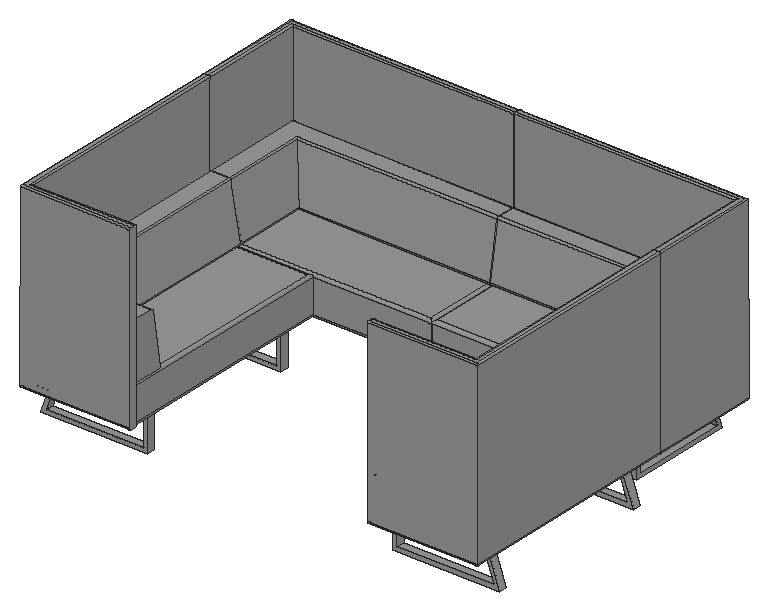
Revit family "TP5H - TP5L", category Furniture, Revit 2016
Family settings
  OmniClass Number = 23.40.20.00
  OmniClass Title = General Furniture and Specialties
  Work Plane-Based = No
  Always vertical = Yes
  Cut with Voids When Loaded = No
  Shared = No
  Room Calculation Point = No
Parameters (values of type "TP5H-K")
  URL = "www.gof.co.uk"
  Seat = GABRIEL Byron_02101
  Range = "SEATING"
  Product Data Specification = "https://gof.co.uk/wp-content/uploads/2016/02/Take-Off-Task-Product-Data-Sheet.compressed.pdf"
  Product Code = "TP5H-K"
  Product Brochure = "https://gof.co.uk/wp-content/uploads/2016/04/Take_Off_Reception_Brochure_2016.pdf"
  Model = "TAKE OFF PLUS"
  Manufacturer = "Gresham Office Furniture"  # constant formula
  Low Surround = GABRIEL Byron_02101
  Low Surround (Vis) = no
  High Surround (Vis) = yes
  High Surround = GABRIEL Byron_02101
  Circular Leg Frame = no
  Back = GABRIEL Byron_11101
  Angled Base Frame = yes
Types (5, lengths in mm): name | Product Code | Low Surround (Vis) | High Surround (Vis) | Circular Leg Frame | Angled Base Frame
  (no name) | "TP5H-K" | no | yes | no | yes
  TP5L-K | "TP5L-K" | yes | no | no | yes
  TP5H-K | "TP5H-K" | no | yes | no | yes
  TP5H-4 | "TP5H-4" | no | yes | yes | no
  TP5L-4 | "TP5L-4" | yes | no | yes | no
Reference planes
  plane 1 "Center (Front/Back)": y = 0
  plane 2: z = 0
  plane 3 "Center (Left/Right)": x = 0
  plane 4: y = 347.5
  plane 5: x = 1446
  plane 6: x = -1446
  plane 7 "Right Inner": x = 1401
  plane 8 "Left Inner": x = -1401
  plane 9: y = 302.5
  plane 10: y = -347.5
  plane 11: z = 1360
Dimensions and locks
  locked: plane 7 "Right Inner" to plane 5 at 45
  locked: plane 6 to plane 8 "Left Inner" at 45
  locked: plane 9 to plane 4 at 45
  locked: plane 10 to plane 4 at 695
  equal spacing: plane 10, plane 1 "Center (Front/Back)", plane 4
  plane 6 to plane 3 "Center (Left/Right)" to plane 5 = 1446 mm, 1446 mm
  plane 11 to level = 1360 mm
  aligned and locked: level to plane 2
Nested families
  nested 1: "TP4H - TP4L Component" at (-723, 0, 0), type "TP4H-K"
  nested 2: "TP4H - TP4L Component" at (723, 0, 0) x (-1, 0, 0) z (0, 0, 1), type "TP4H-K"
  nested 3: "TP4H - TP4L Component" at (1098.5, -1070.5, 0) x (0, 1, 0) z (0, 0, 1), type "TP4H-K"
  nested 4: "TP4H - TP4L Component" at (-1098.5, -1070.5, 0) x (0, 1, 0) z (0, 0, 1), type "TP4H-K"
Definition of nested family "TP4H - TP4L Component"
  Parameters (values of type "TP4H-K")
    URL = "www.gof.co.uk"
    Seat = none
    Range = "SEATING"
    Product Data Specification = "https://gof.co.uk/wp-content/uploads/2016/02/Take-Off-Task-Product-Data-Sheet.compressed.pdf"
    Product Code = "TP4H-K"
    Product Brochure = "https://gof.co.uk/wp-content/uploads/2016/04/Take_Off_Reception_Brochure_2016.pdf"
    Model = "TAKE OFF PLUS"
    Manufacturer = "Gresham Office Furniture"  # constant formula
    Low Surround = none
    Low Surround (Vis) = no
    High Surround (Vis) = yes
    High Surround = none
    Circular Leg Frame = no
    Back = none
    Angled Base Frame = yes
  Types (5, lengths in mm): name | Product Code | Low Surround (Vis) | High Surround (Vis) | Circular Leg Frame | Angled Base Frame
    (no name) | "TP4H-K" | no | yes | no | yes
    TP4L-K | "TP4L-K" | yes | no | no | yes
    TP4H-K | "TP4H-K" | no | yes | no | yes
    TP4H-4 | "TP4H-4" | no | yes | yes | no
    TP4L-4 | "TP4L-4" | yes | no | yes | no
  Reference planes
    plane 1 "Center (Front/Back)": y = 0
    plane 2: z = 0
    plane 3 "Center (Left/Right)": x = 0
    plane 4: y = 347.5
    plane 5: x = 723
    plane 6: x = -723
    plane 7 "Right Inner": x = 678
    plane 8 "Left Inner": x = -678
    plane 9: y = 302.5
    plane 10: y = -347.5
  Forms (mm)
    Extrusion 1, solid, material <- "Seat"
      sketch origin (0, 0, 215) x (0, 1, 0) y (-1, 0, 0)
        loop
          line (302.5, 678) -> (-347.5, 678) -> (-347.5, -723) -> (302.5, -723) -> (302.5, 678)
      from 0 to 250
    Sweep 2, solid, material <- "Back"
      path in 3D
        loop
          line (-678, -347.5, 465) -> (-678, 302.5, 465) -> (723, 302.5, 465)
      profile origin (22.5, 302.5, 465) x (0, 1, 0) y (0, 0, 1)
        loop
          line (-132.43, 351.697) -> (-190.985, 11.697)
          arc (-190.985, 11.697) -> (-188.778, 3.557) -> (-181.131, 0) r 10
          line (-181.131, 0) -> (-10, 0)
          arc (-10, 0) -> (-2.929, 2.929) -> (0, 10) r 10
          line (0, 10) -> (0, 350)
          arc (0, 350) -> (-2.929, 357.071) -> (-10, 360) r 10
          line (-10, 360) -> (-122.575, 360)
          arc (-122.575, 360) -> (-129.018, 357.648) -> (-132.43, 351.697) r 10
    Sweep 3, solid, material <- "Low Surround", visible <- "Low Surround (Vis)"
      path in 3D
        loop
          line (-678, -347.5, 465) -> (-678, 302.5, 465) -> (723, 302.5, 465)
      profile origin (22.5, 302.5, 465) x (0, 1, 0) y (0, 0, 1)
        loop
          arc (10, 360) -> (2.929, 357.071) -> (0, 350) r 10
          line (0, 350) -> (0, -240)
          arc (0, -240) -> (2.929, -247.071) -> (10, -250) r 10
          line (10, -250) -> (35, -250)
          arc (35, -250) -> (42.071, -247.071) -> (45, -240) r 10
          line (45, -240) -> (45, 350)
          arc (45, 350) -> (42.071, 357.071) -> (35, 360) r 10
          line (35, 360) -> (10, 360)
    Sweep 4, solid, material <- "High Surround", visible <- "High Surround (Vis)"
      path in 3D
        loop
          line (-678, -347.5, 1000) -> (-678, 302.5, 1000) -> (723, 302.5, 1000)
      profile origin (22.5, 302.5, 1000) x (0, 1, 0) y (0, 0, 1)
        loop
          arc (10, 360) -> (2.929, 357.071) -> (0, 350) r 10
          line (0, 350) -> (0, -775)
          arc (0, -775) -> (2.929, -782.071) -> (10, -785) r 10
          line (10, -785) -> (35, -785)
          arc (35, -785) -> (42.071, -782.071) -> (45, -775) r 10
          line (45, -775) -> (45, 350)
          arc (45, 350) -> (42.071, 357.071) -> (35, 360) r 10
          line (35, 360) -> (10, 360)
    Sweep 5, void
      path in 3D
        loop
          line (723, -347.5, 465) -> (723, 302.5, 465) -> (-678, 302.5, 465) -> (-678, -347.5, 465) -> (723, -347.5, 465)
      profile origin (22.5, -347.5, 465) x (0, 1, 0) y (0, 0, 1)
        loop
          line (0, 0) -> (0, -20)
          arc (0, -20) -> (5.858, -5.858) -> (20, 0) r 20
          line (20, 0) -> (0, 0)
    Sweep 6, void
      path in 3D
        loop
          line (723, -347.5, 215) -> (723, 302.5, 215) -> (-678, 302.5, 215) -> (-678, -347.5, 215) -> (723, -347.5, 215)
      profile origin (22.5, -347.5, 215) x (0, -1, 0) y (0, 0, -1)
        loop
          line (0, 0) -> (-20, 0)
          arc (-20, 0) -> (-5.858, -5.858) -> (0, -20) r 20
          line (0, -20) -> (0, 0)
  Cuts and joins
    Sweep 5, Sweep 6 cuts Sweep 4
    Sweep 5, Sweep 6 cuts Extrusion 1
    Sweep 5, Sweep 6 cuts Sweep 2
  Lines and regions (mm)
    sketch lines
      curve 1: line (-678, 302.5, 465) -> (723, 302.5, 465)
      curve 2: line (-678, -347.5, 465) -> (-678, 302.5, 465)
      curve 3: line (-678, 302.5, 465) -> (723, 302.5, 465)
      curve 4: line (-678, -347.5, 465) -> (-678, 302.5, 465)
      curve 5: line (-678, 302.5, 1000) -> (723, 302.5, 1000)
      curve 6: line (-678, -347.5, 1000) -> (-678, 302.5, 1000)
      curve 7: line (-678, -347.5, 465) -> (723, -347.5, 465)
      curve 8: line (723, -347.5, 465) -> (723, 302.5, 465)
      curve 9: line (-678, 302.5, 465) -> (-678, -347.5, 465)
      curve 10: line (723, 302.5, 465) -> (-678, 302.5, 465)
      curve 11: line (-678, -347.5, 215) -> (723, -347.5, 215)
      curve 12: line (723, -347.5, 215) -> (723, 302.5, 215)
      curve 13: line (-678, 302.5, 215) -> (-678, -347.5, 215)
      curve 14: line (723, 302.5, 215) -> (-678, 302.5, 215)
  Dimensions and locks
    plane 6 to plane 5 = 1446 mm
    locked: plane 7 "Right Inner" to plane 5 at 45
    locked: plane 6 to plane 8 "Left Inner" at 45
    locked: plane 9 to plane 4 at 45
    locked: plane 10 to plane 4 at 695
    equal spacing: plane 10, plane 1 "Center (Front/Back)", plane 4
    locked: nested 1 to plane 5 at 170
    locked: nested 1 to plane 10 at 26
    locked: plane 6 to nested 2 at 170
    locked: nested 2 to plane 10 at 26
    locked: nested 3 to plane 5 at 62.5
    locked: nested 3 to plane 10 at 20
    locked: plane 6 to nested 4 at 62.5
    locked: nested 4 to plane 10 at 20
    plane 6 to plane 3 "Center (Left/Right)" to plane 5 = 723 mm, 723 mm
    aligned and locked: level to plane 2
  Automatic sketch dimensions
    Extrusion 1 sketch curve to plane 8 "Left Inner" = 0 mm
    Extrusion 1 sketch curve to plane 10 = 0 mm
    Extrusion 1 sketch curve to plane 9 = 0 mm
    plane 7 "Right Inner" to Extrusion 1 sketch curve = 45 mm
    Sweep 2 sketch curve to profile plane = 0 mm  (x2)
    profile plane to Sweep 2 sketch curve = 10 mm  (x2)
    Sweep 2 sketch curve to Sweep 2 sketch curve = 10 mm  (x2)
    Sweep 2 sketch curve to Sweep 2 sketch curve = 112.575 mm
    Sweep 2 sketch curve to Sweep 2 sketch curve = 9.855 mm
    Sweep 2 sketch curve to Sweep 2 sketch curve = 171.131 mm
    profile plane to Sweep 2 sketch curve = 11.697 mm
    Sweep 2 sketch curve to Sweep 2 sketch curve = 340 mm
    profile plane to Sweep 3 sketch curve = 0 mm
    Sweep 3 sketch curve to profile plane = 10 mm  (x2)
    Sweep 3 sketch curve to Sweep 3 sketch curve = 25 mm  (x2)
    Sweep 3 sketch curve to Sweep 3 sketch curve = 10 mm
    Sweep 3 sketch curve to profile plane = 250 mm
    profile plane to Sweep 3 sketch curve = 350 mm
    profile plane to Sweep 4 sketch curve = 0 mm
    Sweep 4 sketch curve to profile plane = 10 mm  (x2)
    Sweep 4 sketch curve to Sweep 4 sketch curve = 25 mm  (x2)
    Sweep 4 sketch curve to Sweep 4 sketch curve = 10 mm
    Sweep 4 sketch curve to profile plane = 785 mm
    profile plane to Sweep 4 sketch curve = 350 mm
    Sweep 5 sketch curve to profile plane = 0 mm  (x2)
    Sweep 5 sketch curve to Sweep 5 sketch curve = 20 mm
    profile plane to Sweep 6 sketch curve = 0 mm
    Sweep 6 sketch curve to profile plane = 0 mm
    Sweep 6 sketch curve to Sweep 6 sketch curve = 20 mm
  Nested families
    nested 1: "Angled Base Frame" at (-122, -83, 0), visible <- "Angled Base Frame", type "Angled Base Frame"
    nested 2: "Angled Base Frame" at (122, -83, 0) x (-1, 0, 0) z (0, 0, 1), visible <- "Angled Base Frame", type "Angled Base Frame"
    nested 3: "Circular Leg Frame" at (-122, -83, 0), visible <- "Circular Leg Frame", type "Circular Leg Frame"
    nested 4: "Circular Leg Frame" at (122, -83, 0) x (-1, 0, 0) z (0, 0, 1), visible <- "Circular Leg Frame", type "Circular Leg Frame"
  Definition of nested family "Angled Base Frame"
    Parameters (values of type "Angled Base Frame")
      Width = 1690 mm
      URL = "www.gof.co.uk"
      Range = "TAKE OFF PLUS"
      Product Code = ""
      Manufacturer = "Gresham Office Funiture"  # constant formula
      Frame = none
    Reference planes
      plane 1 "Center (Front/Back)": y = 83
      plane 2: z = 0
      plane 3 "Center (Left/Right)": x = 0
      plane 4: x = -845
      plane 5: x = 845
      plane 6: y = 430.5
      plane 7: y = -264.5
    Forms (mm)
      Extrusion 1, solid, material <- "Frame"
        sketch origin (675, 334.886, 702) x (0, -1, 0) y (0, 0, 1)
          loop
            line (-101.614, -702) -> (573.386, -702) -> (573.386, -487) -> (-23.614, -487) -> (-101.614, -702)
          loop
            line (548.386, -677) -> (548.386, -512) -> (-6.089, -512) -> (-65.95, -677) -> (548.386, -677)
        from 0 to 50
    Dimensions and locks
      "Width": plane 4 to plane 5
      locked: plane 6 to plane 7 at 695
      equal spacing: plane 4, plane 3 "Center (Left/Right)", plane 5
      Extrusion 1 sketch curve to Extrusion 1 sketch curve = 25 mm  (x2)
      Extrusion 1 sketch curve to Extrusion 1 sketch curve = 675 mm
      Extrusion 1 sketch curve to Extrusion 1 sketch curve = 597 mm
      locked: Extrusion 1 to plane 5 at 170
      locked: Extrusion 1 to plane 7 at 26
      equal spacing: plane 6, plane 1 "Center (Front/Back)", plane 7
      aligned and locked: level to plane 2
    Automatic sketch dimensions
      Extrusion 1 sketch curve to level = 0 mm
      plane 6 to Extrusion 1 sketch curve = 6 mm
      Extrusion 1 sketch curve to plane 6 = 29.664 mm
      Extrusion 1 sketch curve to Extrusion 1 sketch curve = 17.525 mm
      level to Extrusion 1 sketch curve = 25 mm
      Extrusion 1 sketch curve to Extrusion 1 sketch curve = 165 mm
  Definition of nested family "Circular Leg Frame"
    Parameters (values of type "Circular Leg Frame")
      Width = 1690 mm
      URL = "www.gof.co.uk"
      Range = "TAKE OFF PLUS"
      Product Code = ""
      Manufacturer = "Gresham Office Funiture"  # constant formula
      Frame = none
      Foot = none
    Reference planes
      plane 1 "Center (Front/Back)": y = 83
      plane 2: z = 0
      plane 3 "Center (Left/Right)": x = 0
      plane 4: x = -845
      plane 5: x = 845
      plane 6: y = 430.5
      plane 7: y = -264.5
    Forms (mm)
      Extrusion 1, solid, material <- "Frame"
        sketch origin (770, 353.886, 702) x (0, -1, 0) y (0, 0, 1)
          loop
            line (553.386, -487) -> (-26.614, -487) -> (-26.614, -537) -> (553.386, -537) -> (553.386, -487)
        from 0 to 25
      Extrusion 2, solid, material <- "Frame"
        sketch origin (0, -25, 5) x (-1, 0, 0) y (0, -1, 0)
          loop
            circle (-757.5, 194.5) r 25
        from 0 to 210
      Extrusion 3, solid, material <- "Frame"
        sketch origin (0, 239, 5) x (-1, 0, 0) y (0, -1, 0)
          loop
            circle (-757.5, -161.5) r 25
        from 0 to 210
      Extrusion 4, solid, material <- "Foot"
        sketch origin (0, 0, 0) x (1, 0, 0) y (0, 1, 0)
          loop
            circle (757.5, -219.5) r 15
        from 0 to 5
      Extrusion 5, solid, material <- "Foot"
        sketch origin (0, 199, 0) x (1, 0, 0) y (0, 1, 0)
          loop
            circle (757.5, 201.5) r 15
        from 0 to 5
    Cuts and joins
      joined: Extrusion 1, Extrusion 2, Extrusion 3
    Dimensions and locks
      "Width": plane 4 to plane 5
      locked: plane 6 to plane 7 at 695
      equal spacing: plane 4, plane 3 "Center (Left/Right)", plane 5
      Extrusion 1 sketch curve to Extrusion 1 sketch curve = 50 mm
      locked: Extrusion 1 to plane 5 at 75
      locked: Extrusion 2 to plane 7 at 20
      Extrusion 2 to plane 7 = 70 mm
      locked: plane 6 to Extrusion 3 at 5
      plane 6 to Extrusion 5 = 15 mm
      Extrusion 4 to plane 7 = 45 mm
      plane 6 to Extrusion 5 = 30 mm
      equal spacing: plane 6, plane 1 "Center (Front/Back)", plane 7
      aligned and locked: level to plane 2
      aligned and locked: Extrusion 2 to Extrusion 1
    Automatic sketch dimensions
      Extrusion 1 sketch curve to plane 6 = 50 mm
      plane 7 to Extrusion 1 sketch curve = 65 mm
      level to Extrusion 1 sketch curve = 165 mm
      plane 5 to Extrusion 2 sketch curve = 87.5 mm
      plane 7 to Extrusion 2 sketch curve = 45 mm
      plane 6 to Extrusion 3 sketch curve = 30 mm
      Extrusion 3 sketch curve to plane 5 = 87.5 mm
      plane 5 to Extrusion 4 sketch curve = 87.5 mm
      plane 7 to Extrusion 4 sketch curve = 45 mm
      plane 6 to Extrusion 5 sketch curve = 30 mm
      Extrusion 5 sketch curve to plane 5 = 87.5 mm
      radius of Extrusion 2 sketch curve = 25 mm
      radius of Extrusion 3 sketch curve = 25 mm
      radius of Extrusion 4 sketch curve = 15 mm
      radius of Extrusion 5 sketch curve = 15 mm
